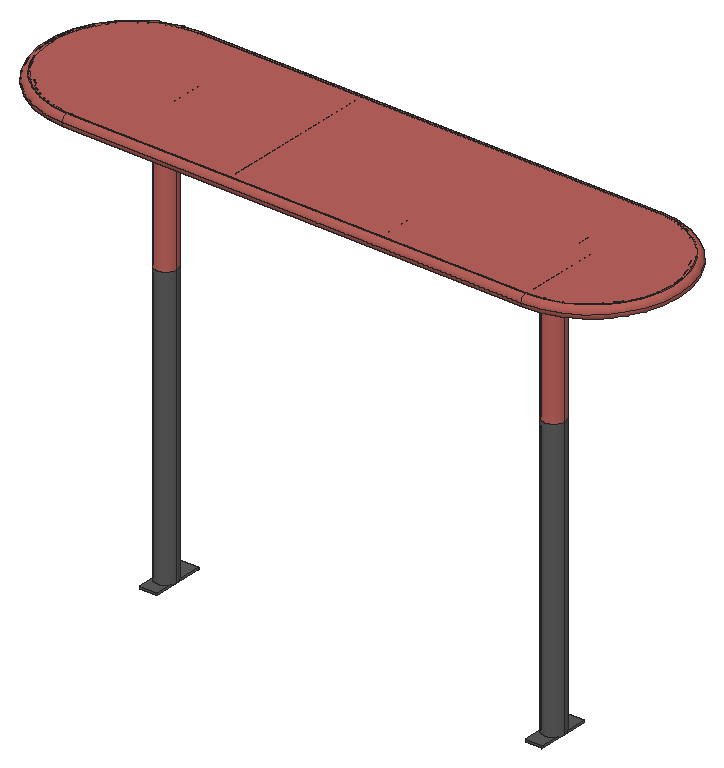
Revit family "product code 61402-F", category Meble, Revit 2021
Family settings
  Numer OmniClass = 23.40.20.00
  Tytuł OmniClass = General Furniture and Specialties
  Oparty na płaszczyźnie roboczej = Nie
  Zawsze pionowo = Tak
  Tnij formami wycięć po wczytaniu = Nie
  Współdzielony = Nie
  Punkt obliczania pomieszczeń = Nie
Parameters (values of type "Sydhaven")
  metal = Kobenhagen RAL 3000
  Width = "50 cm"
  Weight = "40 kg"
  URL = "https://kobenhagen.com/en_US/p/Sydhavn-4-person-Bench/233"
  Product Line = "Sydhavn\r\n\r\nSydhavn\r\n\r\nSydhavn"
  Product Groups = "Benches"
  Producent = "Lars Laj"
  Keynote = ""
  Opis = "Sydhavn 4-person Bench"
  Model = "61402-F"
  Material = "Powder coated steel"
  Maintenance = "We recommend to examine and tighten all screws and bolt clamps after a few weeks’ use. In order to prevent cracks and to extend the life of the wood, it is recommended that the wood details should be oiled every 3-5 years."
  Lenght = "180 cm"
  Type Comments = ""
  Kobenhagen Materials = "larslaj.com/bim"
  Hosted on larslaj.com = "https://larslaj.com/bim"
  Height = "45 cm"
  Domyślna rzędna = 0 mm
  Copyright = "All designs and drawings are the intellectual property of Lars Laj A/S and are protected by Danish and international copyright laws."
Reference planes
  plane 1: z = 0
  plane 2 "Środek (Lewa/Prawa)": x = 0
  plane 3 "left": x = -715
  plane 4 "back": y = 473.48
  plane 5 "Góra": z = 1062.347
  plane 6 "right": x = 715
  plane 7 "Środek": y = 257.204
  plane 8 "Fron": y = 40.927
Forms (mm)
  Extrusion 1, solid, material "Kobenhagen RAL 3000" <- "metal", not visible
    sketch origin (0, 0, 0) x (0, 1, 0) y (0, 0, 1)
      loop
        arc (71.187, 451.5) -> (57.045, 445.642) -> (51.187, 431.5) r 20
        line (51.187, 431.5) -> (51.187, 18.231)
        arc (51.187, 18.231) -> (56.527, 5.34) -> (69.418, 0) r 18.231
        line (69.418, 0) -> (153.638, 0) -> (153.638, 15) -> (448.638, 15) -> (448.638, 0) -> (527.023, 0)
        arc (527.023, 0) -> (542.307, 6.331) -> (548.638, 21.615) r 21.615
        line (548.638, 21.615) -> (548.638, 429.407)
        arc (548.638, 429.407) -> (542.168, 445.029) -> (526.545, 451.5) r 22.093
        line (526.545, 451.5) -> (71.187, 451.5)
    from 750.378 to 745
  Extrusion 2, solid, material "Kobenhagen RAL 3000" <- "metal", not visible
    sketch origin (0, 0, 0) x (0, 1, 0) y (0, 0, 1)
      loop
        line (548.638, 396.844) -> (629.375, 854.725) -> (601.836, 859.581)
        arc (601.836, 859.581) -> (585.224, 855.898) -> (576.082, 841.547) r 22.232
        line (576.082, 841.547) -> (507.306, 451.5) -> (526.545, 451.5)
        arc (526.545, 451.5) -> (542.168, 445.029) -> (548.638, 429.407) r 22.093
        line (548.638, 429.407) -> (548.638, 396.844)
    from 745 to 750.378
  Extrusion 3, solid, material "Kobenhagen RAL 3000" <- "metal"
    sketch origin (-110.268, -25.952, 0) x (0, -1, 0) y (1, 0, 0)
      loop
        circle (-275.327, -399.004) r 30.15
      loop
        circle (-275.327, -399.004) r 28.15
      loop
        circle (-275.327, 699.746) r 30.15
      loop
        circle (-275.327, 699.746) r 28.15
    from 444.1 to 0
  Extrusion 4, solid, material "Painted Black"
    sketch origin (189.004, -23.124, 0) x (1, 0, 0) y (0, 1, 0)
      loop
        line (375.996, 347.327) -> (375.996, 203.327)
        arc (375.996, 203.327) -> (376.874, 201.206) -> (378.996, 200.327) r 3
        line (378.996, 200.327) -> (422.996, 200.327)
        arc (422.996, 200.327) -> (425.117, 201.206) -> (425.996, 203.327) r 3
        line (425.996, 203.327) -> (425.996, 347.327)
        arc (425.996, 347.327) -> (425.117, 349.449) -> (422.996, 350.327) r 3
        line (422.996, 350.327) -> (378.996, 350.327)
        arc (378.996, 350.327) -> (376.874, 349.449) -> (375.996, 347.327) r 3
      loop
        line (-722.97, 354.396) -> (-722.97, 210.396)
        arc (-722.97, 210.396) -> (-722.091, 208.274) -> (-719.97, 207.396) r 3
        line (-719.97, 207.396) -> (-675.97, 207.396)
        arc (-675.97, 207.396) -> (-673.849, 208.274) -> (-672.97, 210.396) r 3
        line (-672.97, 210.396) -> (-672.97, 354.396)
        arc (-672.97, 354.396) -> (-673.849, 356.517) -> (-675.97, 357.396) r 3
        line (-675.97, 357.396) -> (-719.97, 357.396)
        arc (-719.97, 357.396) -> (-722.091, 356.517) -> (-722.97, 354.396) r 3
    from -800 to -795
  Extrusion 5, solid, material "Kobenhagen RAL 3000" <- "metal"
    sketch origin (0, 257.204, 0) x (-1, 0, 0) y (0, 0, 1)
      loop
        line (608.966, 447.188) -> (558.966, 447.188) -> (558.966, 417.188) -> (608.966, 417.188) -> (608.966, 447.188)
      loop
        line (606.966, 445.188) -> (560.966, 445.188) -> (560.966, 419.188) -> (606.966, 419.188) -> (606.966, 445.188)
      loop
        line (199.004, 447.188) -> (149.004, 447.188) -> (149.004, 417.188) -> (199.004, 417.188) -> (199.004, 447.188)
      loop
        line (197.004, 445.188) -> (151.004, 445.188) -> (151.004, 419.188) -> (197.004, 419.188) -> (197.004, 445.188)
      loop
        line (-640, 447.188) -> (-691.034, 447.188) -> (-691.034, 417.188) -> (-640, 417.188) -> (-640, 447.188)
      loop
        line (-643.034, 445.188) -> (-689.034, 445.188) -> (-689.034, 419.188) -> (-643.034, 419.188) -> (-643.034, 445.188)
      loop
        line (-229.015, 447.188) -> (-279.015, 447.188) -> (-279.015, 417.188) -> (-229.015, 417.188) -> (-229.015, 447.188)
      loop
        line (-231.015, 445.188) -> (-277.015, 445.188) -> (-277.015, 419.188) -> (-231.015, 419.188) -> (-231.015, 445.188)
    from -216.276 to 216.276
  Extrusion 6, solid, material "Kobenhagen RAL 3000" <- "metal"
    sketch origin (239.004, -16.847, 0) x (1, 0, 0) y (0, 1, 0)
      loop
        line (-699.004, 325.327) -> (-799.004, 325.327) -> (-799.004, 225.327) -> (-699.004, 225.327) -> (-699.004, 325.327)
      loop
        line (302.03, 325.327) -> (302.03, 225.327) -> (400.996, 225.327) -> (400.996, 325.327) -> (302.03, 325.327)
    from 447.05 to 443.488
  Extrusion 7, solid, material "Painted Black"
    sketch origin (-110.268, -25.952, 0) x (1, 0, 0) y (0, 1, 0)
      loop
        circle (-399.004, 275.327) r 30.15
      loop
        circle (-399.004, 275.327) r 28.15
      loop
        circle (699.746, 275.327) r 30.15
      loop
        circle (699.746, 275.327) r 28.15
    from 0 to -795
  Extrusion 8, solid, material "Kobenhagen RAL 3000" <- "metal"
    sketch origin (0, 0, 0) x (1, 0, 0) y (0, 1, 0)
      loop
        line (-608.966, 24.054) -> (691.034, 24.054)
        arc (691.034, 24.054) -> (924.184, 257.204) -> (691.034, 490.354) r 233.15
        line (691.034, 490.354) -> (-608.966, 490.354)
        arc (-608.966, 490.354) -> (-842.116, 257.204) -> (-608.966, 24.054) r 233.15
    from 447.188 to 450
  Sweep 9, solid, material "Kobenhagen RAL 3000" <- "metal"
    path origin (0, 0, 450) x (1, 0, 0) y (0, 1, 0)
      loop
        line (691.034, 490.354) -> (-608.966, 490.354)
        arc (-608.966, 490.354) -> (-842.116, 257.204) -> (-608.966, 24.054) r 233.15
        line (-608.966, 24.054) -> (691.034, 24.054)
        arc (691.034, 24.054) -> (924.184, 257.204) -> (691.034, 490.354) r 233.15
    profile origin (41.034, 490.354, 450) x (0, -1, 0) y (0, 0, 1)
      loop
        circle (0, -16.8) r 16.85
      loop
        circle (0, -16.8) r 14.85
Lines and regions (mm)
  model lines
    curve 1: line (691.034, 490.354, 450) -> (-608.966, 490.354, 450)
    curve 2: arc (691.034, 24.054, 450) -> (924.184, 257.204, 450) -> (691.034, 490.354, 450) r 233.15
Dimensions and locks
  equal spacing: plane 4 "back", plane 7 "Środek", plane 8 "Fron"
  aligned and locked: level to plane 1
Automatic sketch dimensions
  Extrusion 3 sketch curve to Extrusion 3 sketch curve = 0 mm  (x24)
  Extrusion 3 sketch curve to plane 7 "Środek" = 7.829 mm  (x2)
  plane 3 "left" to Extrusion 3 sketch curve = 205.728 mm
  plane 6 "right" to Extrusion 3 sketch curve = 125.522 mm
  Extrusion 3 sketch curve to Extrusion 3 sketch curve = 28.15 mm
  Extrusion 3 sketch curve to Extrusion 3 sketch curve = 2 mm  (x2)
  Extrusion 3 sketch curve to Extrusion 3 sketch curve = 30.15 mm
  plane 7 "Środek" to Extrusion 4 sketch curve = 74.068 mm
  plane 3 "left" to Extrusion 4 sketch curve = 181.034 mm
  Extrusion 4 sketch curve to Extrusion 4 sketch curve = 3 mm  (x6)
  Extrusion 4 sketch curve to Extrusion 4 sketch curve = 44 mm  (x4)
  plane 7 "Środek" to Extrusion 4 sketch curve = 67 mm
  plane 6 "right" to Extrusion 4 sketch curve = 150 mm
  Extrusion 4 sketch curve to plane 7 "Środek" = 69.932 mm
  Extrusion 4 sketch curve to plane 7 "Środek" = 77 mm
  plane 6 "right" to Extrusion 5 sketch curve = 23.966 mm
  Extrusion 5 sketch curve to Extrusion 5 sketch curve = 2 mm  (x15)
  Extrusion 5 sketch curve to Extrusion 5 sketch curve = 46 mm  (x4)
  Extrusion 5 sketch curve to Extrusion 5 sketch curve = 3.034 mm
  plane 2 "Środek (Lewa/Prawa)" to Extrusion 5 sketch curve = 279.015 mm
  Extrusion 5 sketch curve to plane 2 "Środek (Lewa/Prawa)" = 149.004 mm
  plane 3 "left" to Extrusion 5 sketch curve = 156.034 mm
  level to Extrusion 5 sketch curve = 417.188 mm  (x2)
  Extrusion 5 sketch curve to Extrusion 5 sketch curve = 0 mm  (x2)
  Extrusion 5 sketch curve to Extrusion 5 sketch curve = 26 mm  (x4)
  plane 7 "Środek" to Extrusion 6 sketch curve = 51.276 mm  (x2)
  plane 3 "left" to Extrusion 6 sketch curve = 155 mm
  Extrusion 6 sketch curve to plane 7 "Środek" = 48.724 mm  (x2)
  Extrusion 6 sketch curve to Extrusion 6 sketch curve = 100 mm
  plane 6 "right" to Extrusion 6 sketch curve = 173.966 mm
  plane 6 "right" to Extrusion 6 sketch curve = 75 mm
  Extrusion 7 sketch curve to Extrusion 7 sketch curve = 0 mm  (x24)
  Extrusion 7 sketch curve to plane 7 "Środek" = 7.829 mm  (x2)
  plane 3 "left" to Extrusion 7 sketch curve = 205.728 mm
  plane 6 "right" to Extrusion 7 sketch curve = 125.522 mm
  Extrusion 7 sketch curve to Extrusion 7 sketch curve = 28.15 mm
  Extrusion 7 sketch curve to Extrusion 7 sketch curve = 2 mm  (x2)
  Extrusion 7 sketch curve to Extrusion 7 sketch curve = 30.15 mm
  Extrusion 8 sketch curve to plane 7 "Środek" = 0 mm
  plane 4 "back" to Extrusion 8 sketch curve = 16.874 mm
  plane 3 "left" to Extrusion 8 sketch curve = 106.034 mm
  plane 6 "right" to Extrusion 8 sketch curve = 23.966 mm
  curve 1 to curve 1 = 1300 mm
  Sweep 9 sketch curve to Sweep 9 sketch curve = 1300 mm
  Sweep 9 sketch curve to Sweep 9 sketch curve = 0 mm  (x2)
  Sweep 9 sketch curve to profile plane = 0 mm
  Sweep 9 sketch curve to profile plane = 16.8 mm
  radius of curve 2 to Extrusion 8 = 0 mm
  radius of Sweep 9 sketch curve to Extrusion 8 = 0 mm
  radius of Sweep 9 sketch curve = 16.85 mm
  radius of Sweep 9 sketch curve = 14.85 mm
